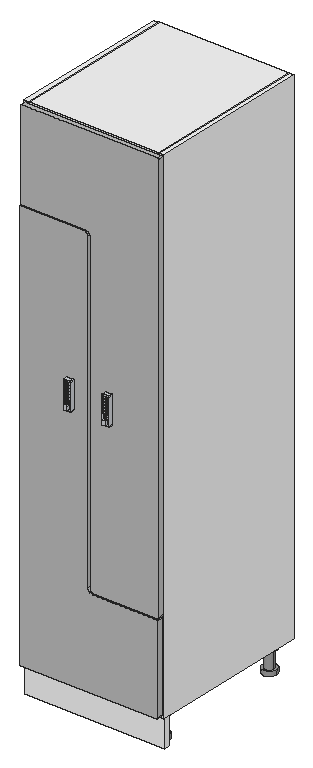
Revit family "1900H Z Door", category Casework, Revit 2016
Family settings
  OmniClass Number = 23.40.35.00
  OmniClass Title = Casework
  Work Plane-Based = No
  Always vertical = Yes
  Cut with Voids When Loaded = No
  Shared = No
  Room Calculation Point = No
Parameters (values of type "LW519Z2E4NP")
  WarrantyGuarantorParts = "www.bisley.com"  # constant formula
  WarrantyGuarantorLabour = "www.bisley.com"  # constant formula
  WarrantyDurationUnit = "Years"  # constant formula
  WarrantyDurationParts = "5"  # constant formula
  WarrantyDurationLabour = "5"  # constant formula
  WarrantyDescription = "5 Years Parts & Labour"  # constant formula
  Uniclass2015Version = "3.1"  # constant formula
  Uniclass2015Title = "Lockers"  # constant formula
  Uniclass2015Code = "Pr_40_30_78_48"  # constant formula
  URL = "www.bisley.com"
  SustainabilityPerformance = "FSC Approved"  # constant formula
  SerialNumber = ""
  NominalWidth = Width  # 500 mm
  NominalLength = Depth  # 600 mm
  NominalHeight = Height  # 1900 mm
  Name = "1900H Z Door"  # constant formula
  NBSReference = "45-35-80/380"  # constant formula
  NBSDescription = "General fittings, furnishings and equipment system"  # constant formula
  ModelReference = "LW519Z2E4NP"
  Model = "Lockerwall"  # constant formula
  Material = "MFC"  # constant formula
  ManufacturerURL = "www.bisley.com"  # constant formula
  Manufacturer = "Bisley"  # constant formula
  ManufactureName = "Bisley"  # constant formula
  M3 Lock = no
  Foot [instance] = Foot 100 : Foot 100
  Finish = "Matt"  # constant formula
  E4 Lock = yes
  DurationUnit = "Years"  # constant formula
  Depth = 600 mm
  Height = 1900 mm
  Width = 500 mm
  Carcass Material = "MFC"  # constant formula
  Author = "Bisley"  # constant formula
  AssetType = "Fixed"  # constant formula
  AB Lock = no
  2 Door = no
  1 Door = no
Reference planes
  plane 1 "Back": y = 0
  plane 2: z = 0
  plane 3 "Center (Left/Right)": x = 44.7
  plane 4 "Front": y = -600
  plane 5 "Left": x = -205.3
  plane 6 "Right": x = 294.7
  plane 7 "Top": z = 1900
  plane 8 "Base": z = 98
  plane 9 "Base Left": x = -187.3
  plane 10 "Base Right": x = 276.7
  plane 11: y = -582
  plane 12: y = -10.5
  plane 13: y = -29.5
  plane 14 "Back Base": z = 110.5
  plane 15: z = 1887.5
  plane 16: z = 95
  plane 17 "Plinth": y = -577
  plane 18: y = -559
  plane 19: z = 101
  plane 20: x = -203.3
  plane 21: x = 292.7
  plane 22 "Shelf 3": z = 1565
  plane 23: z = 1897
  plane 24: x = 40.7
  plane 25: x = 48.7
  plane 26: z = 419
  plane 27: x = 288.7
  plane 28: z = 1576
  plane 29: x = -199.3
  plane 30: z = 423
  plane 31: z = 1572
  plane 32: z = 105
  plane 33: x = 284.7
  plane 34: x = -199.3
  plane 35: z = 105
  plane 36: x = 60.7
  plane 37: z = 435
  plane 38: x = 56.7
  plane 39: x = 284.7
  plane 40: z = 415
  plane 41: z = 427
  plane 42: z = 1568
  plane 43: x = 28.7
  plane 44: z = 1560
  plane 45: x = 32.7
  plane 46: x = -195.3
  plane 47: z = 1580
  plane 48: x = -195.3
  plane 49: z = 1893
  plane 50: x = 288.7
  plane 51: z = 1892.973
  plane 52 "Shelf 2": z = 412
  plane 53: x = 35.7
  plane 54: x = 53.7
Forms (mm)
  Extrusion 1, solid, not visible
    sketch origin (-1691.73, 346.204, -12) x (1, 0, 0) y (0, 0, 1)
      loop
        line (48, 12) -> (56, 12) -> (56, 20) -> (48, 20) -> (48, 12)
    from 0 to 26
  Extrusion 2, solid, not visible
    sketch origin (-1683.73, 346.204, -12) x (-1, 0, 0) y (0, 0, -1)
      loop
        line (48, -12) -> (48, -20) -> (56, -20) -> (56, -12) -> (48, -12)
    from 0 to 26
  Extrusion 3, solid, not visible
    sketch origin (-1687.73, 350.204, -3.997) x (0, 1, 0) y (0, 0, 1)
      loop
        line (-26, 3.997) -> (-26, 11.997) -> (-34, 11.997) -> (-34, 3.997) -> (-26, 3.997)
    from -52 to 52
  Extrusion 4, solid, material "MFC 1"
    sketch origin (0, 0, 0) x (1, 0, 0) y (0, 1, 0)
      loop
        line (-205.3, -582) -> (-187.3, -582) -> (-187.3, 0) -> (-205.3, 0) -> (-205.3, -582)
    from 98 to 1900
  Extrusion 5, solid, material "MFC 1"
    sketch origin (0, 0, 98) x (-1, 0, 0) y (0, -1, 0)
      loop
        line (-276.7, 582) -> (-294.7, 582) -> (-294.7, 0) -> (-276.7, 0) -> (-276.7, 582)
    from 0 to 1802
  Extrusion 6, solid, material "MFC 1"
    sketch origin (0, 0, 98) x (-1, 0, 0) y (0, -1, 0)
      loop
        line (187.3, 582) -> (-276.7, 582) -> (-276.7, 0) -> (187.3, 0) -> (187.3, 582)
    from 0 to 18
  Extrusion 7, void
    sketch origin (276.7, 0, 0) x (0, 1, 0) y (0, 0, 1)
      loop
        line (-29.5, 110.5) -> (-10.5, 110.5) -> (-10.5, 116) -> (-29.5, 116) -> (-29.5, 110.5)
    from 0 to -464
  Extrusion 8, solid, material "MFC 1"
    sketch origin (0, 0, 1540) x (0, -1, 0) y (1, 0, 0)
      loop
        line (582, -187.3) -> (582, 276.7) -> (0, 276.7) -> (0, -187.3) -> (582, -187.3)
    from 360 to 342
  Extrusion 9, void
    sketch origin (276.7, 0, 0) x (0, 1, 0) y (0, 0, 1)
      loop
        line (-29.5, 1884.5) -> (-10.5, 1884.5) -> (-10.5, 1887.5) -> (-29.5, 1887.5) -> (-29.5, 1884.5)
    from 0 to -464
  Extrusion 10, solid, material "MFC 1"
    sketch origin (0, 0, 110.5) x (0, -1, 0) y (1, 0, 0)
      loop
        line (29.5, -187.3) -> (29.5, 276.7) -> (10.5, 276.7) -> (10.5, -187.3) -> (29.5, -187.3)
    from 0 to 1777
  Extrusion 11, solid, material "MFC 1"
    sketch origin (0, 0, 0) x (1, 0, 0) y (0, 1, 0)
      loop
        line (-205.3, -577) -> (294.7, -577) -> (294.7, -559) -> (-205.3, -559) -> (-205.3, -577)
    from 0 to 95
  Extrusion 12, solid, material "MFC 1"
    sketch origin (0, 0, 1565) x (-1, 0, 0) y (0, -1, 0)
      loop
        line (187.3, 582) -> (-276.7, 582) -> (-276.7, 29.5) -> (187.3, 29.5) -> (187.3, 582)
    from 0 to 18
  Extrusion 13, solid, material "MFC 2"
    sketch origin (0, -600, 0) x (1, 0, 0) y (0, 0, 1)
      loop
        line (-203.3, 101) -> (288.7, 101) -> (288.7, 419) -> (40.7, 419) -> (40.7, 1572) -> (-203.3, 1572) -> (-203.3, 101)
    from 0 to -18
  Extrusion 14, solid, material "MFC 2"
    sketch origin (0, -600, 0) x (1, 0, 0) y (0, 0, 1)
      loop
        line (-199.3, 1897) -> (-199.3, 1576) -> (48.7, 1576) -> (48.7, 423) -> (292.7, 423) -> (292.7, 1897) -> (-199.3, 1897)
    from 0 to -18
  Extrusion 15, void
    sketch origin (0, -600, 0) x (1, 0, 0) y (0, 0, 1)
      loop
        line (284.7, 101) -> (288.7, 101) -> (288.7, 105)
        arc (288.7, 105) -> (287.529, 102.172) -> (284.7, 101) r 4
    from 0 to -18
  Extrusion 16, void
    sketch origin (0, -600, 0) x (1, 0, 0) y (0, 0, 1)
      loop
        line (-203.3, 105) -> (-203.3, 101) -> (-199.3, 101)
        arc (-199.3, 101) -> (-202.128, 102.172) -> (-203.3, 105) r 4
    from 0 to -18
  Extrusion 17, void
    sketch origin (0, -600, 0) x (1, 0, 0) y (0, 0, 1)
      loop
        line (48.7, 435) -> (48.7, 423) -> (60.7, 423)
        arc (60.7, 423) -> (52.215, 426.515) -> (48.7, 435) r 12
    from 0 to -18
  Extrusion 18, solid, material "MFC 2"
    sketch origin (0, -600, 0) x (1, 0, 0) y (0, 0, 1)
      loop
        line (40.7, 435) -> (40.7, 419) -> (56.7, 419)
        arc (56.7, 419) -> (45.387, 423.686) -> (40.7, 435) r 16
    from 0 to -18
  Extrusion 19, void
    sketch origin (0, -600, 0) x (1, 0, 0) y (0, 0, 1)
      loop
        arc (284.7, 419) -> (287.529, 417.828) -> (288.7, 415) r 4
        line (288.7, 415) -> (288.7, 419) -> (284.7, 419)
    from 0 to -18
  Extrusion 20, void
    sketch origin (0, -600, 0) x (1, 0, 0) y (0, 0, 1)
      loop
        line (288.7, 423) -> (292.7, 423) -> (292.7, 427)
        arc (292.7, 427) -> (291.529, 424.172) -> (288.7, 423) r 4
    from 0 to -18
  Extrusion 21, void
    sketch origin (0, -600, 0) x (1, 0, 0) y (0, 0, 1)
      loop
        arc (-203.3, 1568) -> (-202.128, 1570.828) -> (-199.3, 1572) r 4
        line (-199.3, 1572) -> (-203.3, 1572) -> (-203.3, 1568)
    from 0 to -18
  Extrusion 22, void
    sketch origin (0, -600, 0) x (1, 0, 0) y (0, 0, 1)
      loop
        arc (28.7, 1572) -> (37.186, 1568.485) -> (40.7, 1560) r 12
        line (40.7, 1560) -> (40.7, 1572) -> (28.7, 1572)
    from 0 to -18
  Extrusion 23, solid, material "MFC 2"
    sketch origin (0, -600, 0) x (1, 0, 0) y (0, 0, 1)
      loop
        arc (32.7, 1576) -> (44.014, 1571.314) -> (48.7, 1560) r 16
        line (48.7, 1560) -> (48.7, 1576) -> (32.7, 1576)
    from 0 to -18
  Extrusion 24, void
    sketch origin (0, -600, 0) x (1, 0, 0) y (0, 0, 1)
      loop
        line (-199.3, 1580) -> (-199.3, 1576) -> (-195.3, 1576)
        arc (-195.3, 1576) -> (-198.128, 1577.172) -> (-199.3, 1580) r 4
    from 0 to -18
  Extrusion 25, void
    sketch origin (0, -600, 0) x (1, 0, 0) y (0, 0, 1)
      loop
        line (-195.3, 1897) -> (-199.3, 1897) -> (-199.3, 1893)
        arc (-199.3, 1893) -> (-198.128, 1895.828) -> (-195.3, 1897) r 4
    from 0 to -18
  Extrusion 26, void
    sketch origin (0, -600, 0) x (1, 0, 0) y (0, 0, 1)
      loop
        arc (288.673, 1897) -> (291.521, 1895.821) -> (292.7, 1892.973) r 4.027
        line (292.7, 1892.973) -> (292.7, 1897) -> (288.673, 1897)
    from 0 to -18
  Extrusion 27, solid, material "MFC 1"
    sketch origin (0, 0, 412) x (-1, 0, 0) y (0, -1, 0)
      loop
        line (187.3, 582) -> (-276.7, 582) -> (-276.7, 29.5) -> (187.3, 29.5) -> (187.3, 582)
    from 0 to 18
  Extrusion 28, solid, material "MFC 1"
    sketch origin (0, 0, 412) x (-1, 0, 0) y (0, -1, 0)
      loop
        line (-35.7, 582) -> (-53.7, 582) -> (-53.7, 29.5) -> (-35.7, 29.5) -> (-35.7, 582)
    from 18 to 1153
Cuts and joins
  Extrusion 7, Extrusion 9, Extrusion 15, Extrusion 19, Extrusion 20, Extrusion 26 cuts Extrusion 5
  Extrusion 7 cuts Extrusion 6
  Extrusion 9, Extrusion 16, Extrusion 21, Extrusion 24, Extrusion 25 cuts Extrusion 4
  Extrusion 9 cuts Extrusion 8
  Extrusion 15, Extrusion 16, Extrusion 19, Extrusion 21, Extrusion 22 cuts Extrusion 13
  Extrusion 19, Extrusion 21, Extrusion 22 cuts Extrusion 18
  joined: Extrusion 13, Extrusion 18
  Extrusion 17, Extrusion 20, Extrusion 24, Extrusion 25, Extrusion 26 cuts Extrusion 14
  Extrusion 24, Extrusion 25, Extrusion 26 cuts Extrusion 23
  joined: Extrusion 14, Extrusion 23
Dimensions and locks
  "Width": plane 6 "Right" to plane 5 "Left"
  equal spacing: plane 6 "Right", plane 3 "Center (Left/Right)", plane 5 "Left"
  "Depth": plane 4 "Front" to plane 1 "Back"
  "Height": level to plane 7 "Top"
  locked: plane 5 "Left" to plane 9 "Base Left" at 18
  locked: plane 10 "Base Right" to plane 6 "Right" at 18
  locked: plane 7 "Top" to plane 15 at 12.5
  Extrusion 10 to plane 1 "Back" = 10.5 mm
  locked: nested 1 to plane 6 "Right" at 68
  locked: nested 2 to plane 6 "Right" at 68
  locked: plane 1 "Back" to nested 3 at 79.5
  locked: plane 11 to plane 4 "Front" at 18
  locked: plane 17 "Plinth" to plane 4 "Front" at 23
  locked: plane 18 to plane 4 "Front" at 41
  locked: nested 1 to plane 4 "Front" at 91
  locked: plane 5 "Left" to nested 4 at 68
  locked: plane 5 "Left" to nested 3 at 68
  locked: plane 4 "Front" to nested 4 at 91
  locked: plane 6 "Right" to plane 21 at 2
  locked: plane 20 to plane 5 "Left" at 2
  aligned and locked: level to plane 2
  aligned and locked: Extrusion 4 sketch curve to plane 11
  aligned and locked: Extrusion 4 sketch curve to plane 5 "Left"
  aligned and locked: Extrusion 4 sketch curve to plane 1 "Back"
  aligned and locked: Extrusion 4 sketch curve to plane 9 "Base Left"
  aligned and locked: Extrusion 4 to plane 8 "Base"
  aligned and locked: Extrusion 4 to plane 7 "Top"
  aligned and locked: Extrusion 5 sketch curve to plane 11
  aligned and locked: Extrusion 5 sketch curve to plane 10 "Base Right"
  aligned and locked: Extrusion 5 sketch curve to plane 1 "Back"
  aligned and locked: plane 6 "Right" to Extrusion 5 sketch curve
  aligned and locked: Extrusion 5 to plane 7 "Top"
  aligned and locked: Extrusion 5 to plane 8 "Base"
  aligned and locked: Extrusion 4 to Extrusion 6 sketch curve
  aligned and locked: Extrusion 6 sketch curve to Extrusion 4
  aligned and locked: Extrusion 5 to Extrusion 6 sketch curve
  aligned and locked: Extrusion 6 sketch curve to Extrusion 5
  aligned and locked: plane 6 "Right" to Extrusion 5
  aligned and locked: Extrusion 7 to plane 9 "Base Left"
  aligned and locked: plane 10 "Base Right" to Extrusion 7
  aligned and locked: Extrusion 8 sketch curve to cut or joined group of Extrusion 6, Extrusion 7  (x2)
  aligned and locked: Extrusion 8 sketch curve to Extrusion 4
  aligned and locked: Extrusion 8 sketch curve to cut or joined group of Extrusion 5, Extrusion 7, Extrusion 9, Extrusion 15, Extrusion 19, Extrusion 20, Extrusion 26
  aligned and locked: plane 15 to Extrusion 9 sketch curve
  aligned and locked: Extrusion 10 sketch curve to cut or joined group of Extrusion 6, Extrusion 7  (x2)
  aligned and locked: cut or joined group of Extrusion 6, Extrusion 7 to Extrusion 10 sketch curve  (x2)
  aligned and locked: Extrusion 10 to plane 14 "Back Base"
  aligned and locked: plane 15 to Extrusion 10
  aligned and locked: Extrusion 9 to plane 9 "Base Left"
  aligned and locked: Extrusion 11 sketch curve to plane 17 "Plinth"
  aligned and locked: Extrusion 11 sketch curve to plane 5 "Left"
  aligned and locked: Extrusion 11 sketch curve to plane 18
  aligned and locked: plane 6 "Right" to Extrusion 11 sketch curve
  aligned and locked: Extrusion 11 to plane 5 "Left"
  aligned and locked: plane 6 "Right" to Extrusion 11
  aligned and locked: Extrusion 5 to plane 11
  aligned and locked: Extrusion 4 to plane 11
  aligned and locked: Extrusion 8 to plane 7 "Top"
  aligned and locked: Extrusion 12 sketch curve to cut or joined group of Extrusion 6, Extrusion 7  (x2)
  aligned and locked: cut or joined group of Extrusion 6, Extrusion 7 to Extrusion 12 sketch curve
  aligned and locked: nested 2 to Extrusion 12 sketch curve
  aligned and locked: cut or joined group of Extrusion 5, Extrusion 7, Extrusion 9, Extrusion 15, Extrusion 19, Extrusion 20, Extrusion 26 to Extrusion 8
  aligned and locked: plane 31 to Extrusion 13
  aligned and locked: Extrusion 13 to plane 20
  aligned and locked: plane 24 to Extrusion 13
  aligned and locked: plane 26 to Extrusion 13
  aligned and locked: plane 27 to Extrusion 13
  aligned and locked: Extrusion 13 to plane 19
  aligned and locked: Extrusion 12 to plane 22 "Shelf 3"
  aligned and locked: Extrusion 27 sketch curve to cut or joined group of Extrusion 6, Extrusion 7  (x2)
  aligned and locked: cut or joined group of Extrusion 6, Extrusion 7 to Extrusion 27 sketch curve
  aligned and locked: nested 2 to Extrusion 27 sketch curve
  aligned and locked: Extrusion 27 to plane 52 "Shelf 2"
  aligned and locked: Extrusion 28 sketch curve to plane 11
  aligned and locked: Extrusion 28 sketch curve to plane 53
  aligned and locked: nested 2 to Extrusion 28 sketch curve
  aligned and locked: plane 54 to Extrusion 28 sketch curve
  aligned and locked: Extrusion 28 to Extrusion 27
  aligned and locked: plane 22 "Shelf 3" to Extrusion 28
Automatic sketch dimensions
  Extrusion 1 sketch curve to Extrusion 1 sketch curve = 8 mm  (x2)
  Extrusion 2 sketch curve to Extrusion 2 sketch curve = 8 mm  (x2)
  Extrusion 3 sketch curve to Extrusion 3 sketch curve = 8 mm  (x2)
  Extrusion 7 sketch curve to plane 13 = 0 mm
  Extrusion 7 sketch curve to plane 12 = 0 mm
  Extrusion 7 sketch curve to plane 14 "Back Base" = 0 mm
  Extrusion 7 sketch curve to Extrusion 7 sketch curve = 5.5 mm
  Extrusion 9 sketch curve to plane 13 = 0 mm
  Extrusion 9 sketch curve to plane 12 = 0 mm
  Extrusion 9 sketch curve to Extrusion 9 sketch curve = 3 mm
  Extrusion 13 sketch curve to plane 19 = 0 mm
  Extrusion 13 sketch curve to plane 20 = 0 mm
  plane 24 to Extrusion 13 sketch curve = 0 mm
  Extrusion 13 sketch curve to plane 27 = 0 mm
  Extrusion 13 sketch curve to plane 26 = 0 mm
  Extrusion 13 sketch curve to plane 28 = 4 mm
  Extrusion 14 sketch curve to plane 23 = 0 mm
  Extrusion 14 sketch curve to plane 29 = 0 mm
  Extrusion 14 sketch curve to plane 25 = 0 mm
  Extrusion 14 sketch curve to plane 21 = 0 mm
  Extrusion 14 sketch curve to plane 30 = 0 mm
  Extrusion 14 sketch curve to plane 28 = 0 mm
  Extrusion 15 sketch curve to plane 33 = 0 mm
  Extrusion 15 sketch curve to plane 19 = 0 mm
  Extrusion 15 sketch curve to plane 27 = 0 mm
  Extrusion 16 sketch curve to plane 20 = 0 mm
  Extrusion 16 sketch curve to plane 19 = 0 mm
  Extrusion 16 sketch curve to plane 32 = 0 mm
  Extrusion 17 sketch curve to plane 25 = 0 mm
  Extrusion 17 sketch curve to plane 30 = 0 mm
  Extrusion 17 sketch curve to plane 37 = 0 mm
  Extrusion 18 sketch curve to plane 26 = 0 mm
  plane 38 to Extrusion 18 sketch curve = 0 mm
  Extrusion 18 sketch curve to plane 37 = 0 mm
  Extrusion 19 sketch curve to plane 33 = 0 mm
  Extrusion 19 sketch curve to plane 26 = 0 mm
  Extrusion 19 sketch curve to plane 40 = 0 mm
  Extrusion 20 sketch curve to plane 27 = 0 mm
  Extrusion 20 sketch curve to plane 30 = 0 mm
  Extrusion 20 sketch curve to plane 41 = 0 mm
  Extrusion 21 sketch curve to plane 20 = 0 mm
  Extrusion 21 sketch curve to plane 42 = 0 mm
  Extrusion 21 sketch curve to plane 31 = 0 mm
  Extrusion 22 sketch curve to plane 31 = 0 mm
  Extrusion 22 sketch curve to plane 24 = 0 mm
  Extrusion 22 sketch curve to plane 44 = 0 mm
  Extrusion 23 sketch curve to plane 45 = 0 mm
  Extrusion 23 sketch curve to plane 28 = 0 mm
  Extrusion 23 sketch curve to plane 44 = 0 mm
  Extrusion 24 sketch curve to plane 29 = 0 mm
  Extrusion 24 sketch curve to plane 28 = 0 mm
  Extrusion 24 sketch curve to plane 47 = 0 mm
  Extrusion 25 sketch curve to plane 23 = 0 mm
  Extrusion 25 sketch curve to plane 29 = 0 mm
  Extrusion 25 sketch curve to plane 49 = 0 mm
  Extrusion 26 sketch curve to plane 23 = 0 mm
  Extrusion 26 sketch curve to plane 27 = 0.027 mm
  Extrusion 26 sketch curve to plane 21 = 0 mm
  Extrusion 26 sketch curve to plane 51 = 0 mm
Nested families
  nested 1: "Foot 100" at (296.401, -509, 0) x (-1, 0, 0) z (0, 0, 1), type "Foot 100"
  nested 2: "Foot 100" at (296.401, -29.5, 0) x (-1, 0, 0) z (0, 0, 1), type "Foot 100"
  nested 3: "Foot 100" at (-207, -29.5, 0), type "Foot 100"
  nested 4: "Foot 100" at (-207, -509, 0), type "Foot 100"
  nested 5: "E4 Lock" at (-69, -600, 983), visible <- "E4 Lock", type "E4 Lock"
  nested 6: "AB Lock" at (-70, -600, 995), visible <- "AB Lock", type "AB Lock"
  nested 7: "M3 Lock" at (-59, -600, 991.918), visible <- "M3 Lock", type "M3 Lock"
  nested 8: "AB Lock" at (70, -600, 995), visible <- "AB Lock", type "AB Lock"
  nested 9: "M3 Lock" at (59, -600, 991.918), visible <- "M3 Lock", type "M3 Lock"
  nested 10: "E4 Lock" at (69, -600, 983), visible <- "E4 Lock", type "E4 Lock"
Definition of nested family "Foot 100"
  Parameters (values of type "Foot 100")
    WarrantyGuarantorParts = "www.bisley.com"  # constant formula
    WarrantyGuarantorLabour = "www.bisley.com"  # constant formula
    WarrantyDurationUnit = "Years"  # constant formula
    WarrantyDurationParts = "5"  # constant formula
    WarrantyDurationLabour = "5"  # constant formula
    WarrantyDescription = "5 Years Parts & Labour"  # constant formula
    Uniclass2015Version = ""
    Uniclass2015Title = ""
    Uniclass2015Code = ""
    URL = "www.bisley.com"
    SustainabilityPerformance = "FSC Approved"  # constant formula
    SerialNumber = ""
    NominalWidth = Width  # 50 mm
    NominalLength = Depth  # 50 mm
    NominalHeight = Height  # 900 mm
    Name = ""
    NBSReference = ""
    NBSDescription = "General fittings, furnishings and equipment system"  # constant formula
    ModelReference = ""
    Model = "Abode"  # constant formula
    Material = "MFC"  # constant formula
    ManufacturerURL = "www.bisley.com"  # constant formula
    Manufacturer = "Bisley"  # constant formula
    ManufactureName = "Bisley"  # constant formula
    Finish = "Matt"  # constant formula
    ExpectedLife = "25"  # constant formula
    DurationUnit = "Years"  # constant formula
    Depth = 50 mm
    Height = 900 mm
    Width = 50 mm
    Carcass Material = "MFC"  # constant formula
    Author = "Bisley"  # constant formula
    AssetType = "Fixed"  # constant formula
  Reference planes
    plane 1 "Back": y = 0
    plane 2: z = 0
    plane 3 "Center (Left/Right)": x = 44.7
    plane 4 "Front": y = -50
    plane 5 "Left": x = 19.7
    plane 6 "Right": x = 69.7
    plane 7 "Top": z = 900
    plane 8: y = -25
    plane 9 "Foot top": z = 98
    plane 10: y = 0
    plane 11: y = -50
    plane 12: x = 19.7
    plane 13: x = 69.7
    plane 14: x = 24.7
    plane 15: y = -5
  Forms (mm)
    Extrusion 1, solid, not visible
      sketch origin (-1691.73, 346.204, -12) x (1, 0, 0) y (0, 0, 1)
        loop
          line (48, 12) -> (56, 12) -> (56, 20) -> (48, 20) -> (48, 12)
      from 0 to 26
    Extrusion 2, solid, not visible
      sketch origin (-1683.73, 346.204, -12) x (-1, 0, 0) y (0, 0, -1)
        loop
          line (48, -12) -> (48, -20) -> (56, -20) -> (56, -12) -> (48, -12)
      from 0 to 26
    Extrusion 3, solid, not visible
      sketch origin (-1687.73, 350.204, -3.997) x (0, 1, 0) y (0, 0, 1)
        loop
          line (-26, 3.997) -> (-26, 11.997) -> (-34, 11.997) -> (-34, 3.997) -> (-26, 3.997)
      from -52 to 52
    Extrusion 4, solid
      sketch origin (0, 275, 0) x (1, 0, 0) y (0, 1, 0)
        loop
          circle (44.7, -300) r 25
      from 0 to 15
    Extrusion 5, solid
      sketch origin (0, 275, 0) x (1, 0, 0) y (0, 1, 0)
        loop
          circle (44.7, -300) r 15
      from 15 to 78
    Extrusion 6, solid
      sketch origin (0, 275, 0) x (1, 0, 0) y (0, 1, 0)
        loop
          circle (44.7, -300) r 25
      from 78 to 98
    Extrusion 7, solid
      sketch origin (0, 275, 98) x (-1, 0, 0) y (0, -1, 0)
        loop
          line (-19.7, 325) -> (-69.7, 325) -> (-69.7, 275) -> (-19.7, 275) -> (-19.7, 325)
      from 0 to -10
    Extrusion 8, void
      sketch origin (0, 275, 98) x (-1, 0, 0) y (0, -1, 0)
        loop
          circle (-24.7, 280) r 2.5
      from 0 to -10
    Extrusion 9, void
      sketch origin (89.401, 275, 98) x (1, 0, 0) y (0, 1, 0)
        loop
          circle (-24.7, -280) r 2.5
      from 0 to -10
    Extrusion 10, void
      sketch origin (0, -325, 98) x (-1, 0, 0) y (0, -1, 0)
        loop
          circle (-24.7, -280) r 2.5
      from 0 to -10
    Extrusion 11, void
      sketch origin (89.401, -325, 98) x (1, 0, 0) y (0, 1, 0)
        loop
          circle (-24.7, 280) r 2.5
      from 0 to -10
  Cuts and joins
    Extrusion 8, Extrusion 9, Extrusion 10, Extrusion 11 cuts Extrusion 4
    Extrusion 8, Extrusion 9, Extrusion 10, Extrusion 11 cuts Extrusion 5
    Extrusion 8, Extrusion 9, Extrusion 10, Extrusion 11 cuts Extrusion 6
    Extrusion 8, Extrusion 9, Extrusion 10, Extrusion 11 cuts Extrusion 7
    joined: Extrusion 4, Extrusion 5, Extrusion 6, Extrusion 7
  Dimensions and locks
    "Width": plane 6 "Right" to plane 5 "Left"
    equal spacing: plane 6 "Right", plane 3 "Center (Left/Right)", plane 5 "Left"
    "Depth": plane 4 "Front" to plane 1 "Back"
    "Height": level to plane 7 "Top"
    aligned and locked: level to plane 2
    aligned and locked: Extrusion 5 to Extrusion 4
    aligned and locked: Extrusion 4 to level
    aligned and locked: Extrusion 6 to Extrusion 5
    aligned and locked: plane 9 "Foot top" to Extrusion 6
  Automatic sketch dimensions
    Extrusion 1 sketch curve to Extrusion 1 sketch curve = 8 mm  (x2)
    Extrusion 2 sketch curve to Extrusion 2 sketch curve = 8 mm  (x2)
    Extrusion 3 sketch curve to Extrusion 3 sketch curve = 8 mm  (x2)
    Extrusion 4 sketch curve to plane 3 "Center (Left/Right)" = 0 mm
    plane 8 to Extrusion 4 sketch curve = 0 mm
    Extrusion 5 sketch curve to plane 3 "Center (Left/Right)" = 0 mm
    plane 8 to Extrusion 5 sketch curve = 0 mm
    Extrusion 6 sketch curve to plane 3 "Center (Left/Right)" = 0 mm
    plane 8 to Extrusion 6 sketch curve = 0 mm
    Extrusion 7 sketch curve to plane 11 = 0 mm
    Extrusion 7 sketch curve to plane 13 = 0 mm
    plane 10 to Extrusion 7 sketch curve = 0 mm
    Extrusion 7 sketch curve to plane 12 = 0 mm
    Extrusion 8 sketch curve to plane 14 = 0 mm
    Extrusion 8 sketch curve to plane 15 = 0 mm
    plane 15 to Extrusion 9 sketch curve = 0 mm
    plane 13 to Extrusion 9 sketch curve = 5 mm
    Extrusion 10 sketch curve to plane 14 = 0 mm
    Extrusion 10 sketch curve to plane 11 = 5 mm
    Extrusion 11 sketch curve to plane 13 = 5 mm
    plane 11 to Extrusion 11 sketch curve = 5 mm
    radius of Extrusion 4 sketch curve = 25 mm
    radius of Extrusion 5 sketch curve = 15 mm
    radius of Extrusion 6 sketch curve = 25 mm
    radius of Extrusion 8 sketch curve = 2.5 mm
    radius of Extrusion 9 sketch curve = 2.5 mm
    radius of Extrusion 10 sketch curve = 2.5 mm
    radius of Extrusion 11 sketch curve = 2.5 mm
Definition of nested family "E4 Lock"
  Parameters (values of type "E4 Lock")
    WarrantyGuarantorParts = "www.bisley.com"  # constant formula
    WarrantyGuarantorLabour = "www.bisley.com"  # constant formula
    WarrantyDurationUnit = "Years"  # constant formula
    WarrantyDurationParts = "5"  # constant formula
    WarrantyDurationLabour = "5"  # constant formula
    WarrantyDescription = "5 Years Parts & Labour"  # constant formula
    Uniclass2015Version = ""
    Uniclass2015Title = ""
    Uniclass2015Code = ""
    URL = "www.bisley.com"
    SustainabilityPerformance = "FSC Approved"  # constant formula
    SerialNumber = ""
    NominalWidth = Width  # 25.4 mm
    NominalLength = Depth  # 20.4 mm
    NominalHeight = Height  # 101 mm
    Name = ""
    NBSReference = ""
    NBSDescription = "General fittings, furnishings and equipment system"  # constant formula
    ModelReference = ""
    Model = "Abode"  # constant formula
    Material = "MFC"  # constant formula
    ManufacturerURL = "www.bisley.com"  # constant formula
    Manufacturer = "Bisley"  # constant formula
    ManufactureName = "Bisley"  # constant formula
    Finish = "Matt"  # constant formula
    ExpectedLife = "25"  # constant formula
    DurationUnit = "Years"  # constant formula
    Depth = 20.4 mm
    Height = 101 mm
    Width = 25.4 mm
    Carcass Material = "MFC"  # constant formula
    Author = "Bisley"  # constant formula
    AssetType = "Fixed"  # constant formula
  Reference planes
    plane 1 "Back": y = 0
    plane 2: z = 0
    plane 3 "Center (Left/Right)": x = 44.7
    plane 4 "Front": y = -20.4
    plane 5 "Left": x = 32
    plane 6 "Right": x = 57.4
    plane 7 "Top": z = 101
    plane 8 "Back Front": y = -13.4
    plane 9: x = 35
    plane 10: x = 54.4
    plane 11: x = 35
    plane 12: x = 54.4
    plane 13: z = 3
    plane 14: z = 98
    plane 15 "Numbers": y = -14.4
    plane 16: z = 94
    plane 17: z = 87
    plane 18: z = 84.5
    plane 19: z = 77.5
    plane 20: z = 75
    plane 21: z = 68
    plane 22: z = 65.5
    plane 23: z = 58.5
    plane 24: z = 56
    plane 25: z = 49
    plane 26: z = 46.5
    plane 27: z = 39.5
    plane 28: z = 37
    plane 29: z = 32
    plane 30: z = 5.5
    plane 31: z = 25
    plane 32: z = 23
    plane 33: x = 36
    plane 34: x = 53.4
    plane 35: x = 44.5
    plane 36: x = 44.9
    plane 37: x = 37.98
    plane 38: x = 51.4
    plane 39: z = 35.539
    plane 40: z = 33.5
    plane 41: z = 28.5
    plane 42: x = 41.287
    plane 43: x = 48.1
    plane 44: x = 39.98
    plane 45: x = 49.4
    plane 46: z = 21
    plane 47: z = 7.5
    plane 48: z = 14.25
  Forms (mm)
    Extrusion 1, solid, not visible
      sketch origin (-1691.73, 346.204, -12) x (1, 0, 0) y (0, 0, 1)
        loop
          line (48, 12) -> (56, 12) -> (56, 20) -> (48, 20) -> (48, 12)
      from 0 to 26
    Extrusion 2, solid, not visible
      sketch origin (-1683.73, 346.204, -12) x (-1, 0, 0) y (0, 0, -1)
        loop
          line (48, -12) -> (48, -20) -> (56, -20) -> (56, -12) -> (48, -12)
      from 0 to 26
    Extrusion 3, solid, not visible
      sketch origin (-1687.73, 350.204, -3.997) x (0, 1, 0) y (0, 0, 1)
        loop
          line (-26, 3.997) -> (-26, 11.997) -> (-34, 11.997) -> (-34, 3.997) -> (-26, 3.997)
      from -52 to 52
    Extrusion 4, solid
      sketch origin (0, 0, 0) x (1, 0, 0) y (0, 0, 1)
        loop
          line (32, 0) -> (57.4, 0) -> (57.4, 101) -> (32, 101) -> (32, 0)
      from 0 to 13.4
    Extrusion 5, void
      sketch origin (0, 0, 0) x (1, 0, 0) y (0, 0, 1)
        loop
          arc (32, 98) -> (32.879, 100.121) -> (35, 101) r 3
          line (35, 101) -> (32, 101) -> (32, 98)
      from 0 to 13.4
    Extrusion 6, void
      sketch origin (0, 0, 0) x (1, 0, 0) y (0, 0, 1)
        loop
          line (57.4, 98) -> (57.4, 101) -> (54.4, 101)
          arc (54.4, 101) -> (56.522, 100.121) -> (57.4, 98) r 3
      from 0 to 13.4
    Extrusion 7, void
      sketch origin (0, 0, 0) x (1, 0, 0) y (0, 0, 1)
        loop
          line (32, 3) -> (32, 0) -> (35, 0)
          arc (35, 0) -> (32.879, 0.879) -> (32, 3) r 3
      from 0 to 13.4
    Extrusion 8, void
      sketch origin (0, 0, 0) x (1, 0, 0) y (0, 0, 1)
        loop
          line (54.4, 0) -> (57.4, 0) -> (57.4, 3)
          arc (57.4, 3) -> (56.522, 0.879) -> (54.4, 0) r 3
      from 0 to 13.4
    Extrusion 9, solid
      sketch origin (0, -13.4, 0) x (-1, 0, 0) y (0, 0, 1)
        loop
          line (-36, 87) -> (-36, 94) -> (-44.5, 94) -> (-44.5, 87) -> (-36, 87)
      from 0 to -1
    Extrusion 10, solid
      sketch origin (0, -13.4, 0) x (-1, 0, 0) y (0, 0, 1)
        loop
          line (-44.9, 87) -> (-44.9, 94) -> (-53.4, 94) -> (-53.4, 87) -> (-44.9, 87)
      from 0 to -1
    Extrusion 11, solid
      sketch origin (0, -13.4, -9.5) x (-1, 0, 0) y (0, 0, 1)
        loop
          line (-36, 87) -> (-36, 94) -> (-44.5, 94) -> (-44.5, 87) -> (-36, 87)
      from 0 to -1
    Extrusion 12, solid
      sketch origin (0, -13.4, -9.5) x (-1, 0, 0) y (0, 0, 1)
        loop
          line (-44.9, 87) -> (-44.9, 94) -> (-53.4, 94) -> (-53.4, 87) -> (-44.9, 87)
      from 0 to -1
    Extrusion 13, solid
      sketch origin (0, -13.4, -19) x (-1, 0, 0) y (0, 0, 1)
        loop
          line (-36, 87) -> (-36, 94) -> (-44.5, 94) -> (-44.5, 87) -> (-36, 87)
      from 0 to -1
    Extrusion 14, solid
      sketch origin (0, -13.4, -19) x (-1, 0, 0) y (0, 0, 1)
        loop
          line (-44.9, 87) -> (-44.9, 94) -> (-53.4, 94) -> (-53.4, 87) -> (-44.9, 87)
      from 0 to -1
    Extrusion 15, solid
      sketch origin (0, -13.4, -28.5) x (-1, 0, 0) y (0, 0, 1)
        loop
          line (-36, 87) -> (-36, 94) -> (-44.5, 94) -> (-44.5, 87) -> (-36, 87)
      from 0 to -1
    Extrusion 16, solid
      sketch origin (0, -13.4, -28.5) x (-1, 0, 0) y (0, 0, 1)
        loop
          line (-44.9, 87) -> (-44.9, 94) -> (-53.4, 94) -> (-53.4, 87) -> (-44.9, 87)
      from 0 to -1
    Extrusion 17, solid
      sketch origin (0, -13.4, -38) x (-1, 0, 0) y (0, 0, 1)
        loop
          line (-36, 87) -> (-36, 94) -> (-44.5, 94) -> (-44.5, 87) -> (-36, 87)
      from 0 to -1
    Extrusion 18, solid
      sketch origin (0, -13.4, -38) x (-1, 0, 0) y (0, 0, 1)
        loop
          line (-44.9, 87) -> (-44.9, 94) -> (-53.4, 94) -> (-53.4, 87) -> (-44.9, 87)
      from 0 to -1
    Extrusion 19, solid
      sketch origin (0, -13.4, -47.5) x (-1, 0, 0) y (0, 0, 1)
        loop
          line (-36, 87) -> (-36, 94) -> (-44.5, 94) -> (-44.5, 87) -> (-36, 87)
      from 0 to -1
    Extrusion 20, solid
      sketch origin (0, -13.4, -47.5) x (-1, 0, 0) y (0, 0, 1)
        loop
          line (-44.9, 87) -> (-44.9, 94) -> (-53.4, 94) -> (-53.4, 87) -> (-44.9, 87)
      from 0 to -1
    Extrusion 21, solid
      sketch origin (0, -14.4, 0) x (-1, 0, 0) y (0, 0, 1)
        loop
          line (-37.98, 33.5) -> (-37.98, 35.539) -> (-51.4, 35.539) -> (-51.4, 33.5) -> (-37.98, 33.5)
      from 0 to 1
    Extrusion 22, solid
      sketch origin (0, -14.4, 0) x (-1, 0, 0) y (0, 0, 1)
        loop
          line (-37.98, 25) -> (-37.98, 32) -> (-51.4, 32) -> (-51.4, 25) -> (-37.98, 25)
      from 0 to 1
    Extrusion 23, void
      sketch origin (0, -14.4, 0) x (-1, 0, 0) y (0, 0, 1)
        loop
          circle (-41.287, 28.5) r 1
      from 0 to 1
    Extrusion 24, void
      sketch origin (0, -14.4, 0) x (-1, 0, 0) y (0, 0, 1)
        loop
          circle (-44.7, 28.5) r 0.982
      from 0 to 1
    Extrusion 25, void
      sketch origin (0, -14.4, 0) x (-1, 0, 0) y (0, 0, 1)
        loop
          circle (-48.1, 28.5) r 1.013
      from 0 to 1
    Extrusion 26, solid
      sketch origin (0, -20.4, 0) x (1, 0, 0) y (0, 0, 1)
        loop
          line (37.98, 5.5) -> (51.4, 5.5) -> (51.4, 23) -> (37.98, 23) -> (37.98, 5.5)
      from 0 to -6
    Extrusion 27, void
      sketch origin (0, -20.4, 0) x (1, 0, 0) y (0, 0, 1)
        loop
          line (39.98, 23) -> (37.98, 23) -> (37.98, 21)
          arc (37.98, 21) -> (38.566, 22.414) -> (39.98, 23) r 2
      from 0 to -6
    Extrusion 28, void
      sketch origin (0, -20.4, 0) x (1, 0, 0) y (0, 0, 1)
        loop
          arc (49.4, 23) -> (50.815, 22.414) -> (51.4, 21) r 2
          line (51.4, 21) -> (51.4, 23) -> (49.4, 23)
      from 0 to -6
    Extrusion 29, void
      sketch origin (0, -20.4, 0) x (1, 0, 0) y (0, 0, 1)
        loop
          line (37.98, 7.5) -> (37.98, 5.5) -> (39.98, 5.5)
          arc (39.98, 5.5) -> (38.566, 6.086) -> (37.98, 7.5) r 2
      from 0 to -6
    Extrusion 30, void
      sketch origin (0, -20.4, 0) x (1, 0, 0) y (0, 0, 1)
        loop
          line (49.4, 5.5) -> (51.4, 5.5) -> (51.4, 7.5)
          arc (51.4, 7.5) -> (50.815, 6.086) -> (49.4, 5.5) r 2
      from 0 to -6
    Extrusion 31, solid
      sketch origin (0, -14.4, 0) x (-1, 0, 0) y (0, 0, 1)
        loop
          circle (-44.7, 14.25) r 7.5
      from 0 to 1
  Cuts and joins
    Extrusion 5, Extrusion 6, Extrusion 7, Extrusion 8 cuts Extrusion 4
    Extrusion 23, Extrusion 24, Extrusion 25 cuts Extrusion 22
    Extrusion 27, Extrusion 28, Extrusion 29, Extrusion 30 cuts Extrusion 26
  Dimensions and locks
    "Width": plane 6 "Right" to plane 5 "Left"
    equal spacing: plane 6 "Right", plane 3 "Center (Left/Right)", plane 5 "Left"
    "Depth": plane 4 "Front" to plane 1 "Back"
    "Height": level to plane 7 "Top"
    aligned and locked: level to plane 2
    aligned and locked: Extrusion 4 to plane 5 "Left"
    aligned and locked: plane 6 "Right" to Extrusion 4
    aligned and locked: Extrusion 4 to plane 7 "Top"
    aligned and locked: Extrusion 4 to level
  Automatic sketch dimensions
    Extrusion 1 sketch curve to Extrusion 1 sketch curve = 8 mm  (x2)
    Extrusion 2 sketch curve to Extrusion 2 sketch curve = 8 mm  (x2)
    Extrusion 3 sketch curve to Extrusion 3 sketch curve = 8 mm  (x2)
    Extrusion 4 sketch curve to plane 5 "Left" = 0 mm
    Extrusion 4 sketch curve to plane 6 "Right" = 0 mm
    Extrusion 4 sketch curve to level = 0 mm
    Extrusion 4 sketch curve to plane 7 "Top" = 0 mm
    Extrusion 5 sketch curve to plane 5 "Left" = 0 mm  (x2)
    Extrusion 5 sketch curve to plane 7 "Top" = 0 mm
    Extrusion 5 sketch curve to plane 9 = 0 mm
    Extrusion 5 sketch curve to plane 14 = 0 mm
    Extrusion 6 sketch curve to plane 10 = 0 mm
    Extrusion 6 sketch curve to plane 6 "Right" = 0 mm
    Extrusion 6 sketch curve to plane 14 = 0 mm
    Extrusion 7 sketch curve to level = 0 mm
    Extrusion 7 sketch curve to plane 5 "Left" = 0 mm
    plane 9 to Extrusion 7 sketch curve = 0 mm
    Extrusion 8 sketch curve to level = 0 mm
    plane 10 to Extrusion 8 sketch curve = 0 mm
    Extrusion 8 sketch curve to plane 6 "Right" = 0 mm
    Extrusion 9 sketch curve to plane 17 = 0 mm
    Extrusion 9 sketch curve to plane 35 = 0 mm
    Extrusion 9 sketch curve to plane 16 = 0 mm
    Extrusion 9 sketch curve to plane 33 = 0 mm
    Extrusion 10 sketch curve to plane 17 = 0 mm
    Extrusion 10 sketch curve to plane 34 = 0 mm
    Extrusion 10 sketch curve to plane 16 = 0 mm
    Extrusion 10 sketch curve to plane 36 = 0 mm
    Extrusion 11 sketch curve to plane 19 = 0 mm
    Extrusion 11 sketch curve to plane 35 = 0 mm
    Extrusion 11 sketch curve to plane 18 = 0 mm
    Extrusion 11 sketch curve to plane 33 = 0 mm
    Extrusion 12 sketch curve to plane 19 = 0 mm
    Extrusion 12 sketch curve to plane 34 = 0 mm
    Extrusion 12 sketch curve to plane 18 = 0 mm
    Extrusion 12 sketch curve to plane 36 = 0 mm
    Extrusion 13 sketch curve to plane 21 = 0 mm
    Extrusion 13 sketch curve to plane 35 = 0 mm
    Extrusion 13 sketch curve to plane 20 = 0 mm
    Extrusion 13 sketch curve to plane 33 = 0 mm
    Extrusion 14 sketch curve to plane 21 = 0 mm
    Extrusion 14 sketch curve to plane 34 = 0 mm
    Extrusion 14 sketch curve to plane 20 = 0 mm
    Extrusion 14 sketch curve to plane 36 = 0 mm
    Extrusion 15 sketch curve to plane 23 = 0 mm
    Extrusion 15 sketch curve to plane 35 = 0 mm
    Extrusion 15 sketch curve to plane 22 = 0 mm
    Extrusion 15 sketch curve to plane 33 = 0 mm
    Extrusion 16 sketch curve to plane 23 = 0 mm
    Extrusion 16 sketch curve to plane 34 = 0 mm
    Extrusion 16 sketch curve to plane 22 = 0 mm
    Extrusion 16 sketch curve to plane 36 = 0 mm
    Extrusion 17 sketch curve to plane 25 = 0 mm
    Extrusion 17 sketch curve to plane 35 = 0 mm
    Extrusion 17 sketch curve to plane 24 = 0 mm
    Extrusion 17 sketch curve to plane 33 = 0 mm
    Extrusion 18 sketch curve to plane 25 = 0 mm
    Extrusion 18 sketch curve to plane 34 = 0 mm
    Extrusion 18 sketch curve to plane 24 = 0 mm
    Extrusion 18 sketch curve to plane 36 = 0 mm
    Extrusion 19 sketch curve to plane 27 = 0 mm
    Extrusion 19 sketch curve to plane 35 = 0 mm
    Extrusion 19 sketch curve to plane 26 = 0 mm
    Extrusion 19 sketch curve to plane 33 = 0 mm
    Extrusion 20 sketch curve to plane 27 = 0 mm
    Extrusion 20 sketch curve to plane 34 = 0 mm
    Extrusion 20 sketch curve to plane 26 = 0 mm
    Extrusion 20 sketch curve to plane 36 = 0 mm
    Extrusion 21 sketch curve to plane 38 = 0 mm
    Extrusion 21 sketch curve to plane 37 = 0 mm
    Extrusion 21 sketch curve to plane 40 = 0 mm
    Extrusion 21 sketch curve to plane 39 = 0 mm
    Extrusion 22 sketch curve to plane 31 = 0 mm
    Extrusion 22 sketch curve to plane 38 = 0 mm
    Extrusion 22 sketch curve to plane 29 = 0 mm
    Extrusion 22 sketch curve to plane 37 = 0 mm
    Extrusion 23 sketch curve to plane 41 = 0 mm
    Extrusion 23 sketch curve to plane 42 = 0 mm
    Extrusion 24 sketch curve to plane 3 "Center (Left/Right)" = 0 mm
    Extrusion 24 sketch curve to plane 41 = 0 mm
    Extrusion 25 sketch curve to plane 41 = 0 mm
    Extrusion 25 sketch curve to plane 43 = 0 mm
    Extrusion 26 sketch curve to plane 32 = 0 mm
    Extrusion 26 sketch curve to plane 37 = 0 mm
    Extrusion 26 sketch curve to plane 38 = 0 mm
    Extrusion 26 sketch curve to plane 30 = 0 mm
    Extrusion 27 sketch curve to plane 32 = 0 mm
    Extrusion 27 sketch curve to plane 37 = 0 mm
    Extrusion 27 sketch curve to plane 46 = 0 mm
    Extrusion 28 sketch curve to plane 45 = 0 mm
    Extrusion 28 sketch curve to plane 32 = 0 mm
    Extrusion 28 sketch curve to plane 46 = 0 mm
    Extrusion 29 sketch curve to plane 30 = 0 mm
    Extrusion 29 sketch curve to plane 37 = 0 mm
    Extrusion 29 sketch curve to plane 47 = 0 mm
    Extrusion 30 sketch curve to plane 30 = 0 mm
    Extrusion 30 sketch curve to plane 45 = 0 mm
    Extrusion 30 sketch curve to plane 47 = 0 mm
    Extrusion 31 sketch curve to plane 3 "Center (Left/Right)" = 0 mm
    Extrusion 31 sketch curve to plane 48 = 0 mm
    radius of Extrusion 23 sketch curve = 1 mm
    radius of Extrusion 24 sketch curve = 0.982 mm
    radius of Extrusion 25 sketch curve = 1.013 mm
    radius of Extrusion 31 sketch curve = 7.5 mm
Definition of nested family "AB Lock"
  Parameters (values of type "AB Lock")
    WarrantyGuarantorParts = "www.bisley.com"  # constant formula
    WarrantyGuarantorLabour = "www.bisley.com"  # constant formula
    WarrantyDurationUnit = "Years"  # constant formula
    WarrantyDurationParts = "5"  # constant formula
    WarrantyDurationLabour = "5"  # constant formula
    WarrantyDescription = "5 Years Parts & Labour"  # constant formula
    Uniclass2015Version = ""
    Uniclass2015Title = ""
    Uniclass2015Code = ""
    URL = "www.bisley.com"
    SustainabilityPerformance = "FSC Approved"  # constant formula
    SerialNumber = ""
    NominalWidth = Width  # 34 mm
    NominalLength = Depth  # 15 mm
    NominalHeight = Height  # 45 mm
    Name = ""
    NBSReference = ""
    NBSDescription = "General fittings, furnishings and equipment system"  # constant formula
    ModelReference = ""
    Model = "Abode"  # constant formula
    Material = "MFC"  # constant formula
    ManufacturerURL = "www.bisley.com"  # constant formula
    Manufacturer = "Bisley"  # constant formula
    ManufactureName = "Bisley"  # constant formula
    Finish = "Matt"  # constant formula
    ExpectedLife = "25"  # constant formula
    DurationUnit = "Years"  # constant formula
    Depth = 15 mm
    Height = 45 mm
    Width = 34 mm
    Carcass Material = "MFC"  # constant formula
    Author = "Bisley"  # constant formula
    AssetType = "Fixed"  # constant formula
  Reference planes
    plane 1 "Back": y = 0
    plane 2: z = 0
    plane 3 "Center (Left/Right)": x = 44.7
    plane 4 "Front": y = -15
    plane 5 "Left": x = 27.7
    plane 6 "Right": x = 61.7
    plane 7 "Top": z = 45
    plane 8: z = 28
    plane 9: z = 3
    plane 10: x = 31.2
    plane 11: x = 58.2
    plane 12: z = 6
    plane 13: y = -12
    plane 14: z = 10
    plane 15 "Lockback": y = -3
    plane 16: x = 43.2
    plane 17: x = 46.2
    plane 18: z = 32
    plane 19: z = 24
  Forms (mm)
    Extrusion 1, solid, not visible
      sketch origin (-1691.73, 346.204, -12) x (1, 0, 0) y (0, 0, 1)
        loop
          line (48, 12) -> (56, 12) -> (56, 20) -> (48, 20) -> (48, 12)
      from 0 to 26
    Extrusion 2, solid, not visible
      sketch origin (-1683.73, 346.204, -12) x (-1, 0, 0) y (0, 0, -1)
        loop
          line (48, -12) -> (48, -20) -> (56, -20) -> (56, -12) -> (48, -12)
      from 0 to 26
    Extrusion 3, solid, not visible
      sketch origin (-1687.73, 350.204, -3.997) x (0, 1, 0) y (0, 0, 1)
        loop
          line (-26, 3.997) -> (-26, 11.997) -> (-34, 11.997) -> (-34, 3.997) -> (-26, 3.997)
      from -52 to 52
    Extrusion 4, solid
      sketch origin (0, 0, 0) x (1, 0, 0) y (0, 0, 1)
        loop
          line (27.7, 28) -> (27.7, 6) -> (61.7, 6) -> (61.7, 28)
          arc (61.7, 28) -> (44.7, 45) -> (27.7, 28) r 17
      from 0 to 3
    Extrusion 5, solid
      sketch origin (27.7, 0, 0) x (0, 1, 0) y (0, 0, 1)
        loop
          circle (-12, 3) r 3
      from 0 to 34
    Extrusion 6, solid
      sketch origin (27.7, 0, 0) x (0, 1, 0) y (0, 0, 1)
        loop
          line (0, 6) -> (-3, 10)
          arc (-3, 10) -> (-7.815, 8.71) -> (-12, 6) r 16
          arc (-12, 6) -> (-9.879, 5.121) -> (-9, 3) r 3
          arc (-9, 3) -> (-4.809, 5.427) -> (0, 6) r 12
      from 0 to 34
    Extrusion 7, void
      sketch origin (27.7, 0, 0) x (0, 1, 0) y (0, 0, 1)
        loop
          line (-3, 10) -> (-3, 6) -> (0, 6) -> (-3, 10)
      from 0 to 34
    Extrusion 8, solid
      sketch origin (0, -3, 0) x (-1, 0, 0) y (0, 0, 1)
        loop
          circle (-44.7, 28) r 10.5
      from 0 to -3
    Extrusion 9, void
      sketch origin (0, -3, 0) x (-1, 0, 0) y (0, 0, 1)
        loop
          line (-43.2, 24) -> (-43.2, 32) -> (-46.2, 32) -> (-46.2, 24) -> (-43.2, 24)
      from 0 to -3
  Cuts and joins
    Extrusion 7, Extrusion 9 cuts Extrusion 4
    Extrusion 9 cuts Extrusion 5
    Extrusion 9 cuts Extrusion 6
    joined: Extrusion 4, Extrusion 5, Extrusion 6
    Extrusion 9 cuts Extrusion 8
  Lines and regions (mm)
    reference lines
      curve 1: arc (27.7, 0, 6) -> (27.7, -4.809, 5.427) -> (27.7, -9, 3) r 12
      curve 2: arc (27.7, -3, 10) -> (27.7, -7.815, 8.71) -> (27.7, -12, 6) r 16
  Dimensions and locks
    "Width": plane 6 "Right" to plane 5 "Left"
    equal spacing: plane 6 "Right", plane 3 "Center (Left/Right)", plane 5 "Left"
    "Depth": plane 4 "Front" to plane 1 "Back"
    "Height": level to plane 7 "Top"
    aligned and locked: level to plane 2
  Automatic sketch dimensions
    Extrusion 1 sketch curve to Extrusion 1 sketch curve = 8 mm  (x2)
    Extrusion 2 sketch curve to Extrusion 2 sketch curve = 8 mm  (x2)
    Extrusion 3 sketch curve to Extrusion 3 sketch curve = 8 mm  (x2)
    Extrusion 4 sketch curve to plane 5 "Left" = 0 mm
    Extrusion 4 sketch curve to plane 6 "Right" = 0 mm
    Extrusion 4 sketch curve to plane 12 = 0 mm
    Extrusion 4 sketch curve to plane 8 = 0 mm
    Extrusion 5 sketch curve to plane 9 = 0 mm
    Extrusion 5 sketch curve to plane 13 = 0 mm
    curve 2 to plane 12 = 0 mm
    curve 2 to plane 13 = 0 mm
    curve 1 to plane 9 = 0 mm
    plane 14 to curve 2 = 0 mm
    curve 1 to plane 1 "Back" = 0 mm
    curve 1 to plane 12 = 0 mm
    plane 1 "Back" to curve 2 = 1.317 mm
    curve 2 to curve 1 = 0.303 mm
    curve 2 to level = 5.911 mm
    curve 1 to curve 2 = 0.046 mm
    Extrusion 6 sketch curve to plane 12 = 0 mm  (x2)
    Extrusion 6 sketch curve to plane 13 = 0 mm
    Extrusion 6 sketch curve to plane 9 = 0 mm
    plane 14 to Extrusion 6 sketch curve = 0 mm
    Extrusion 6 sketch curve to plane 1 "Back" = 0 mm
    plane 1 "Back" to Extrusion 6 sketch curve = 3 mm
    plane 1 "Back" to Extrusion 6 sketch curve = 1.317 mm
    Extrusion 6 sketch curve to Extrusion 6 sketch curve = 0.303 mm
    Extrusion 7 sketch curve to plane 12 = 0 mm
    plane 14 to Extrusion 7 sketch curve = 0 mm
    Extrusion 7 sketch curve to plane 1 "Back" = 0 mm
    plane 1 "Back" to Extrusion 7 sketch curve = 3 mm
    Extrusion 8 sketch curve to plane 3 "Center (Left/Right)" = 0 mm
    Extrusion 8 sketch curve to plane 8 = 0 mm
    Extrusion 9 sketch curve to plane 17 = 0 mm
    Extrusion 9 sketch curve to plane 16 = 0 mm
    Extrusion 9 sketch curve to plane 19 = 0 mm
    Extrusion 9 sketch curve to plane 18 = 0 mm
    radius of Extrusion 5 sketch curve = 3 mm
    radius of Extrusion 8 sketch curve = 10.5 mm
Definition of nested family "M3 Lock"
  Parameters (values of type "M3 Lock")
    WarrantyGuarantorParts = "www.bisley.com"  # constant formula
    WarrantyGuarantorLabour = "www.bisley.com"  # constant formula
    WarrantyDurationUnit = "Years"  # constant formula
    WarrantyDurationParts = "5"  # constant formula
    WarrantyDurationLabour = "5"  # constant formula
    WarrantyDescription = "5 Years Parts & Labour"  # constant formula
    Uniclass2015Version = ""
    Uniclass2015Title = ""
    Uniclass2015Code = ""
    URL = "www.bisley.com"
    SustainabilityPerformance = "FSC Approved"  # constant formula
    SerialNumber = ""
    NominalWidth = Width  # 33 mm
    NominalLength = Depth  # 21.5 mm
    NominalHeight = Height  # 83.5 mm
    Name = ""
    NBSReference = ""
    NBSDescription = "General fittings, furnishings and equipment system"  # constant formula
    ModelReference = ""
    Model = "Abode"  # constant formula
    Material = "MFC"  # constant formula
    ManufacturerURL = "www.bisley.com"  # constant formula
    Manufacturer = "Bisley"  # constant formula
    ManufactureName = "Bisley"  # constant formula
    Finish = "Matt"  # constant formula
    ExpectedLife = "25"  # constant formula
    DurationUnit = "Years"  # constant formula
    Depth = 21.5 mm
    Height = 83.5 mm
    Width = 33 mm
    Carcass Material = "MFC"  # constant formula
    Author = "Bisley"  # constant formula
    AssetType = "Fixed"  # constant formula
  Reference planes
    plane 1 "Back": y = 0
    plane 2: z = 0
    plane 3 "Center (Left/Right)": x = 44.7
    plane 4 "Front": y = -21.5
    plane 5 "Left": x = 28.2
    plane 6 "Right": x = 61.2
    plane 7 "Top": z = 83.5
    plane 8 "BackFront": y = -3.045
    plane 9: x = 32.2
    plane 10: z = 79.5
    plane 11: x = 57.2
    plane 12: z = 4
    plane 13: x = 32.2
    plane 14: x = 57.2
    plane 15 "Barrel Base": z = 30.5
    plane 16: x = 40.5
    plane 17: x = 48.9
    plane 18: y = -4.445
    plane 19: z = 74.5
    plane 20 "L4": z = 69.8
    plane 21: z = 64.9
    plane 22 "L3": z = 60.2
    plane 23: z = 55.3
    plane 24 "L2": z = 50.6
    plane 25: z = 45.7
    plane 26 "L1": z = 41
    plane 27: x = 38.2
    plane 28: x = 51.2
    plane 29: y = -4.945
    plane 30: z = 40.5
    plane 31 "l-1": z = 38.5
    plane 32: z = 16
    plane 33: y = -9.045
    plane 34 "Thumbturn": y = -19.5
    plane 35: x = 43.2
    plane 36: x = 46.2
    plane 37: z = 20
    plane 38: z = 12
  Forms (mm)
    Extrusion 1, solid, not visible
      sketch origin (-1691.73, 346.204, -12) x (1, 0, 0) y (0, 0, 1)
        loop
          line (48, 12) -> (56, 12) -> (56, 20) -> (48, 20) -> (48, 12)
      from 0 to 26
    Extrusion 2, solid, not visible
      sketch origin (-1683.73, 346.204, -12) x (-1, 0, 0) y (0, 0, -1)
        loop
          line (48, -12) -> (48, -20) -> (56, -20) -> (56, -12) -> (48, -12)
      from 0 to 26
    Extrusion 3, solid, not visible
      sketch origin (-1687.73, 350.204, -3.997) x (0, 1, 0) y (0, 0, 1)
        loop
          line (-26, 3.997) -> (-26, 11.997) -> (-34, 11.997) -> (-34, 3.997) -> (-26, 3.997)
      from -52 to 52
    Extrusion 4, solid
      sketch origin (0, 0, 0) x (1, 0, 0) y (0, 0, 1)
        loop
          line (28.2, 0) -> (61.2, 0) -> (61.2, 83.5) -> (28.2, 83.5) -> (28.2, 0)
      from 0 to 3
    Extrusion 5, void
      sketch origin (0, 0, 0) x (1, 0, 0) y (0, 0, 1)
        loop
          arc (28.2, 79.5) -> (29.372, 82.328) -> (32.2, 83.5) r 4
          line (32.2, 83.5) -> (28.2, 83.5) -> (28.2, 79.5)
      from 0 to 3
    Extrusion 6, void
      sketch origin (0, 0, 0) x (1, 0, 0) y (0, 0, 1)
        loop
          arc (57.2, 83.5) -> (60.029, 82.328) -> (61.2, 79.5) r 4
          line (61.2, 79.5) -> (61.2, 83.5) -> (57.2, 83.5)
      from 0 to 3
    Extrusion 7, void
      sketch origin (0, 0, 0) x (1, 0, 0) y (0, 0, 1)
        loop
          arc (32.2, 0) -> (29.372, 1.172) -> (28.2, 4) r 4
          line (28.2, 4) -> (28.2, 0) -> (32.2, 0)
      from 0 to 3
    Extrusion 8, void
      sketch origin (0, 0, 0) x (1, 0, 0) y (0, 0, 1)
        loop
          line (57.2, 0) -> (61.2, 0) -> (61.2, 4)
          arc (61.2, 4) -> (60.029, 1.172) -> (57.2, 0) r 4
      from 0 to 3
    Extrusion 9, solid
      sketch origin (0, 0, 30.5) x (-1, 0, 0) y (0, -1, 0)
        loop
          arc (-40.5, 3) -> (-44.7, 4.445) -> (-48.9, 3) r 6.827
          line (-48.9, 3) -> (-40.5, 3)
      from 0 to 49
    Extrusion 10, solid
      sketch origin (0, 0, 41) x (-1, 0, 0) y (0, -1, 0)
        loop
          arc (-38.2, 3) -> (-44.7, 4.945) -> (-51.2, 3) r 11.835
          line (-51.2, 3) -> (-38.2, 3)
      from 0 to 4.7
    Extrusion 11, solid
      sketch origin (0, 0, 50.6) x (-1, 0, 0) y (0, -1, 0)
        loop
          arc (-38.2, 3) -> (-44.7, 4.945) -> (-51.2, 3) r 11.835
          line (-51.2, 3) -> (-38.2, 3)
      from 0 to 4.7
    Extrusion 12, solid
      sketch origin (0, 0, 60.2) x (-1, 0, 0) y (0, -1, 0)
        loop
          arc (-38.2, 3) -> (-44.7, 4.945) -> (-51.2, 3) r 11.835
          line (-51.2, 3) -> (-38.2, 3)
      from 0 to 4.7
    Extrusion 13, solid
      sketch origin (0, 0, 69.8) x (-1, 0, 0) y (0, -1, 0)
        loop
          arc (-38.2, 3) -> (-44.7, 4.945) -> (-51.2, 3) r 11.835
          line (-51.2, 3) -> (-38.2, 3)
      from 0 to 4.7
    Extrusion 14, solid
      sketch origin (0, 0, 38.5) x (-1, 0, 0) y (0, -1, 0)
        loop
          arc (-38.2, 3) -> (-44.7, 4.945) -> (-51.2, 3) r 11.835
          line (-51.2, 3) -> (-38.2, 3)
      from 0 to 2
    Extrusion 15, solid
      sketch origin (0, -3.045, 0) x (-1, 0, 0) y (0, 0, 1)
        loop
          circle (-44.7, 16) r 14.25
      from 0 to -4
    Extrusion 16, solid
      sketch origin (0, -3.045, 0) x (-1, 0, 0) y (0, 0, 1)
        loop
          circle (-44.7, 16) r 12.7
      from 0 to -18.455
    Extrusion 17, void
      sketch origin (0, -21.5, 0) x (1, 0, 0) y (0, 0, 1)
        loop
          circle (44.7, 16) r 7.362
      from 0 to -1
    Extrusion 18, solid
      sketch origin (0, -21.5, 0) x (1, 0, 0) y (0, 0, 1)
        loop
          line (40.5, 29.617) -> (40.5, 27.985)
          arc (40.5, 27.985) -> (44.7, 28.7) -> (48.9, 27.985) r 12.7
          line (48.9, 27.985) -> (48.9, 29.617)
          arc (48.9, 29.617) -> (44.7, 30.25) -> (40.5, 29.617) r 14.25
      from 0 to -14.5
    Extrusion 19, solid
      sketch origin (0, -20.483, 0) x (1, 0, 0) y (0, 0, 1)
        loop
          circle (44.7, 16) r 13.48
      from 0 to -1.5
    Extrusion 20, void
      sketch origin (0, -21.5, 0) x (1, 0, 0) y (0, 0, 1)
        loop
          line (43.2, 12) -> (46.2, 12) -> (46.2, 20) -> (43.2, 20) -> (43.2, 12)
      from 0 to -10.5
  Cuts and joins
    Extrusion 5, Extrusion 6, Extrusion 7, Extrusion 8, Extrusion 17, Extrusion 20 cuts Extrusion 4
    Extrusion 17, Extrusion 20 cuts Extrusion 9
    Extrusion 17, Extrusion 20 cuts Extrusion 10
    Extrusion 17, Extrusion 20 cuts Extrusion 11
    Extrusion 17, Extrusion 20 cuts Extrusion 12
    Extrusion 17, Extrusion 20 cuts Extrusion 13
    Extrusion 17, Extrusion 20 cuts Extrusion 14
    Extrusion 17, Extrusion 20 cuts Extrusion 15
    Extrusion 17, Extrusion 20 cuts Extrusion 16
    Extrusion 20 cuts Extrusion 18
    Extrusion 20 cuts Extrusion 19
    joined: Extrusion 4, Extrusion 9, Extrusion 10, Extrusion 11, Extrusion 12, Extrusion 13, Extrusion 14, Extrusion 15, Extrusion 16, Extrusion 18, Extrusion 19
  Dimensions and locks
    "Width": plane 6 "Right" to plane 5 "Left"
    equal spacing: plane 6 "Right", plane 3 "Center (Left/Right)", plane 5 "Left"
    "Depth": plane 4 "Front" to plane 1 "Back"
    "Height": level to plane 7 "Top"
    aligned and locked: level to plane 2
    aligned and locked: plane 10 to Extrusion 9
    aligned and locked: Extrusion 9 to plane 15 "Barrel Base"
    aligned and locked: Extrusion 4 to plane 7 "Top"
    aligned and locked: plane 6 "Right" to Extrusion 4
    aligned and locked: Extrusion 4 to plane 5 "Left"
    aligned and locked: Extrusion 4 to level
  Automatic sketch dimensions
    Extrusion 1 sketch curve to Extrusion 1 sketch curve = 8 mm  (x2)
    Extrusion 2 sketch curve to Extrusion 2 sketch curve = 8 mm  (x2)
    Extrusion 3 sketch curve to Extrusion 3 sketch curve = 8 mm  (x2)
    Extrusion 4 sketch curve to plane 5 "Left" = 0 mm
    Extrusion 4 sketch curve to plane 6 "Right" = 0 mm
    Extrusion 4 sketch curve to level = 0 mm
    Extrusion 4 sketch curve to plane 7 "Top" = 0 mm
    Extrusion 5 sketch curve to plane 7 "Top" = 0 mm
    Extrusion 5 sketch curve to plane 9 = 0 mm
    Extrusion 5 sketch curve to plane 10 = 0 mm
    Extrusion 6 sketch curve to plane 7 "Top" = 0 mm  (x2)
    Extrusion 6 sketch curve to plane 11 = 0 mm
    Extrusion 6 sketch curve to plane 6 "Right" = 0 mm
    Extrusion 6 sketch curve to plane 10 = 0 mm
    Extrusion 7 sketch curve to level = 0 mm
    Extrusion 7 sketch curve to plane 5 "Left" = 0 mm
    plane 9 to Extrusion 7 sketch curve = 0 mm  (x2)
    Extrusion 7 sketch curve to plane 12 = 0 mm
    Extrusion 8 sketch curve to level = 0 mm
    plane 11 to Extrusion 8 sketch curve = 0 mm
    Extrusion 8 sketch curve to plane 12 = 0 mm
    Extrusion 9 sketch curve to plane 17 = 0 mm
    Extrusion 9 sketch curve to plane 16 = 0 mm
    Extrusion 9 sketch curve to plane 1 "Back" = 2.382 mm
    plane 8 "BackFront" to Extrusion 9 sketch curve = 0.045 mm
